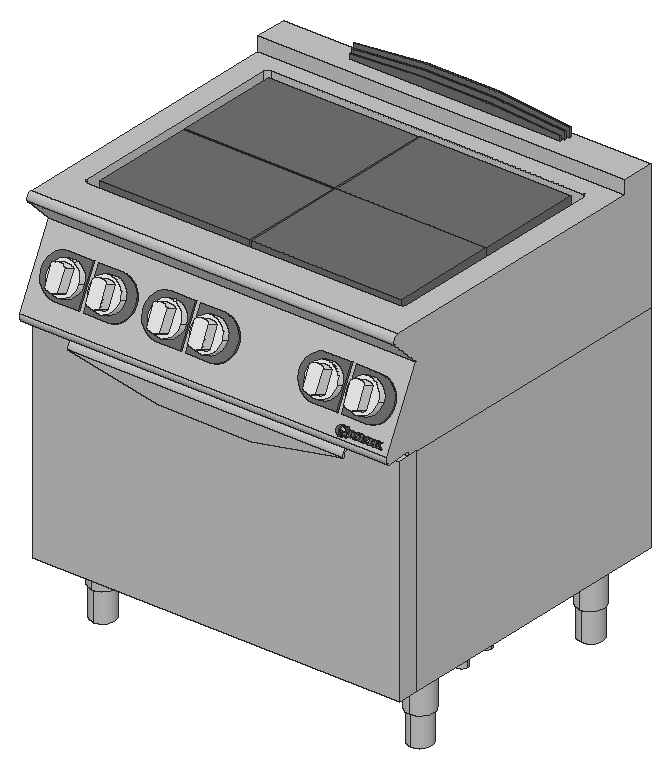
Revit family "Qf_Giorik_TE740E", category Specialty Equipment, Revit 2014
Parameters (values of type "TE740E")
  Weight in Pounds = 330.693
  Watts = 16000 W
  Volts = 400 V
  URL Cutsheet = "www.giorik.com"
  URL = "www.giorik.com"
  Status [instance] = ""
  Specification by User [instance] = ""
  Specification by Manufacturer = ""
  Show Logo [instance] = yes
  Show Clearance [instance] = yes
  Serial Number = ""
  Seismic Rating = ""
  SMACNA No = ""
  Revision Code [instance] = ""
  Phase = 3
  Number of Poles [instance] = 3
  NAFEM Spec ID Number = ""
  Model = "TE740E"
  Min Ckt Ampacity = 0 A
  Max Overcurrent Protection = 0 A
  Masterspec = ""
  Manufacturer = "GIORIK"
  Item Number [instance] = ""
  Installed By [instance] = ""
  Identify Quantity as Lot [instance] = no
  HP = "21.456320000000"
  Furnished By [instance] = ""
  Foodservice Equipment Identifier [instance] = yes
  FL Amps = 0 A
  Electrical Remarks [instance] = ""
  Electric Connection Type [instance] = ""
  Elec Conn RI Height [instance] = 0 mm
  Elec Conn Connection Height [instance] = 150 mm
  Description = "ELECTRIC SOLID TOP HOB ON ELECTRIC OVEN"
  Cycle = 50 Hz
  Conn Plug = ""
  CSI MasterFormat = ""
  Assembly Code = "E1090320"
  Apparent Power = 16000 VA
Reference planes
  plane 1 "Back": y = 0
  plane 2: z = 0
  plane 3 "Left": x = 0
  plane 4 "Right": x = 800
  plane 5 "Front": y = -720
  plane 6 "Top": z = 900
Forms (mm)
  Extrusion 1, solid, visible <- "Show Logo"
    sketch origin (591.604, -736.761, 609.486) x (-1, 0, 0) y (0, 0.452718, 0.891654)
      loop
        line (-118.824, 58.358) -> (-127.804, 58.358) -> (-125.523, 56.445) -> (-125.523, 48.027) -> (-127.804, 46.113) -> (-118.824, 46.113) -> (-121.105, 48.027) -> (-121.105, 56.445) -> (-118.824, 58.358)
      loop
        line (-163.721, 58.358) -> (-172.7, 58.358) -> (-170.42, 56.445) -> (-170.42, 48.027) -> (-172.7, 46.113) -> (-163.721, 46.113) -> (-166.001, 48.027) -> (-166.001, 56.445) -> (-163.721, 58.358)
      loop
        line (-174.332, 58.358) -> (-183.312, 58.358) -> (-181.031, 56.445) -> (-181.031, 52.435) -> (-186.419, 56.955) -> (-184.416, 58.358) -> (-191.268, 58.358) -> (-188.01, 56.839) -> (-185.455, 54.283) -> (-190.846, 47.858) -> (-193.396, 46.93) -> (-193.396, 46.113) -> (-184.416, 46.113) -> (-185.437, 47.571) -> (-182.443, 51.552) -> (-181.031, 50.894) -> (-181.031, 48.027) -> (-183.312, 46.113) -> (-174.332, 46.113) -> (-176.613, 48.027) -> (-176.613, 56.445) -> (-174.332, 58.358)
      loop
        line (-115.429, 62.063) -> (-115.429, 54.198)
        arc (-115.429, 54.198) -> (-111.618, 57.803) -> (-106.847, 59.986) r 16.039
        arc (-106.847, 59.986) -> (-103.314, 59.837) -> (-100.512, 57.68) r 5.851
        arc (-100.512, 57.68) -> (-98.815, 52.267) -> (-100.512, 46.853) r 9.479
        arc (-100.512, 46.853) -> (-102.406, 44.986) -> (-104.846, 43.93) r 7.236
        arc (-104.846, 43.93) -> (-107.728, 44.111) -> (-110.052, 45.825) r 5.11
        line (-110.052, 45.825) -> (-110.052, 52.001) -> (-116.141, 52.001) -> (-116.141, 45.503) -> (-117.893, 43.751) -> (-114.094, 44.769)
        arc (-114.094, 44.769) -> (-112.56, 44.947) -> (-111.129, 44.366) r 3.115
        arc (-111.129, 44.366) -> (-104.216, 42.091) -> (-97.303, 44.366) r 11.641
        arc (-97.303, 44.366) -> (-93.396, 52.107) -> (-97.303, 59.849) r 9.622
        arc (-97.303, 59.849) -> (-104.369, 62.174) -> (-111.435, 59.849) r 11.898
        line (-111.435, 59.849) -> (-115.429, 62.063)
      loop
        arc (-129.234, 56.068) -> (-135.893, 58.628) -> (-142.552, 56.068) r 9.941
        arc (-142.552, 56.068) -> (-144.234, 52.286) -> (-142.552, 48.505) r 5.093
        arc (-142.552, 48.505) -> (-135.893, 45.945) -> (-129.234, 48.505) r 9.941
        arc (-129.234, 48.505) -> (-127.552, 52.286) -> (-129.234, 56.068) r 5.093
      loop
        arc (-132.628, 54.403) -> (-135.893, 57.668) -> (-139.158, 54.403) r 3.265
        line (-139.158, 54.403) -> (-139.158, 50.169)
        arc (-139.158, 50.169) -> (-135.893, 46.904) -> (-132.628, 50.169) r 3.265
        line (-132.628, 50.169) -> (-132.628, 54.403)
      loop
        arc (-156.363, 58.365) -> (-159.647, 55.081) -> (-156.363, 51.796) r 3.285
        line (-156.363, 51.796) -> (-159.529, 47.306) -> (-162.087, 46.113) -> (-155.847, 46.113) -> (-153.529, 51.083) -> (-150.637, 51.083) -> (-150.637, 47.784) -> (-153.022, 46.113) -> (-144.011, 46.113) -> (-146.094, 47.68) -> (-146.094, 56.493) -> (-144.229, 58.365) -> (-156.363, 58.365)
      loop
        line (-150.637, 57.512) -> (-153.637, 57.512)
        arc (-153.637, 57.512) -> (-156.237, 54.912) -> (-153.637, 52.312) r 2.6
        line (-153.637, 52.312) -> (-150.637, 52.312) -> (-150.637, 57.512)
      loop
        line (-108.924, 52.001) -> (-104.936, 49.005) -> (-100.948, 52.001) -> (-108.924, 52.001)
    from 1.5 to -0.5
  Extrusion 2, solid
    sketch origin (-16, 1025.81, 0) x (1, 0, 0) y (0, 1, 0)
      loop
        line (25, -1086.81) -> (25, -1156.81) -> (115, -1156.81) -> (115, -1086.81) -> (25, -1086.81)
    from 148 to 150
  Extrusion 3, solid
    sketch origin (726, -105, 130) x (1, 0, 0) y (0, 1, 0)
      loop
        circle (54, -385) r 12.5
    from 0 to 20
  Extrusion 4, solid
    sketch origin (0, 1000, -20) x (0, 1, 0) y (0, 0, 1)
      loop
        line (-1000, 919.988) -> (-1070, 919.988) -> (-1070, 889.988) -> (-1688.806, 889.988)
        arc (-1688.806, 889.988) -> (-1699.151, 883.075) -> (-1696.724, 870.873) r 11.197
        line (-1696.724, 870.873) -> (-1640.876, 815.025) -> (-1718.948, 661.258)
        arc (-1718.948, 661.258) -> (-1718.233, 650.105) -> (-1708.118, 645.354) r 10.981
        line (-1708.118, 645.354) -> (-1660, 649.925) -> (-1660, 640) -> (-1000, 640) -> (-1000, 919.988)
    from 0 to 800
  Extrusion 5, solid
    sketch origin (0, 0, 599.536) x (1, 0, 0) y (0, 1, 0)
      loop
        line (0, -640) -> (40, -640) -> (40, -40) -> (760, -40) -> (760, -640) -> (800, -640) -> (800, 0) -> (0, 0) -> (0, -640)
    from -449.536 to 20.464
  Extrusion 6, solid
    sketch origin (0, 0, 0) x (1, 0, 0) y (0, 1, 0)
      loop
        line (40, -40) -> (40, -640) -> (760, -640) -> (760, -40) -> (40, -40)
    from 150 to 190
  Extrusion 7, solid
    sketch origin (-16, 560.81, 0) x (1, 0, 0) y (0, 1, 0)
      loop
        line (25, -1086.81) -> (25, -1156.81) -> (115, -1156.81) -> (115, -1086.81) -> (25, -1086.81)
    from 148 to 150
  Revolve 8, solid
    sketch origin (54, 560.81, 0) x (0, 1, 0) y (0, 0, 1)
      loop
        line (-1092.56, 66) -> (-1092.56, 148) -> (-1121.81, 148) -> (-1121.81, 0) -> (-1096.81, 0) -> (-1096.81, 66) -> (-1092.56, 66)
      axis (-1121.81, 0) -> (-1121.81, 148)
    angle from 0 to 360
  Revolve 9, solid
    sketch origin (54, 1025.81, 0) x (0, 1, 0) y (0, 0, 1)
      loop
        line (-1092.56, 66) -> (-1092.56, 148) -> (-1121.81, 148) -> (-1121.81, 0) -> (-1096.81, 0) -> (-1096.81, 66) -> (-1092.56, 66)
      axis (-1121.81, 0) -> (-1121.81, 148)
    angle from 0 to 360
  Extrusion 10, solid
    sketch origin (816, 560.81, 0) x (-1, 0, 0) y (0, -1, 0)
      loop
        line (25, 1086.81) -> (115, 1086.81) -> (115, 1156.81) -> (25, 1156.81) -> (25, 1086.81)
    from 148 to 150
  Revolve 11, solid
    sketch origin (746, 560.81, 0) x (0, 1, 0) y (0, 0, -1)
      loop
        line (-1092.56, -66) -> (-1096.81, -66) -> (-1096.81, 0) -> (-1121.81, 0) -> (-1121.81, -148) -> (-1092.56, -148) -> (-1092.56, -66)
      axis (-1121.81, 0) -> (-1121.81, -148)
    angle from 0 to 360
  Extrusion 12, void
    sketch origin (437.225, 0, 900) x (0, 1, 0) y (-1, 0, 0)
      loop
        line (-110, -302.775) -> (-110, 377.225)
        arc (-110, 377.225) -> (-112.929, 384.296) -> (-120, 387.225) r 10
        line (-120, 387.225) -> (-599.965, 387.225)
        arc (-599.965, 387.225) -> (-607.036, 384.296) -> (-609.965, 377.225) r 10
        line (-609.965, 377.225) -> (-609.965, -302.775)
        arc (-609.965, -302.775) -> (-607.036, -309.846) -> (-599.965, -312.775) r 10
        line (-599.965, -312.775) -> (-120, -312.775)
        arc (-120, -312.775) -> (-112.929, -309.846) -> (-110, -302.775) r 10
    from -30.012 to -70.012
  Extrusion 13, solid
    sketch origin (816, -1217.81, 0) x (-1, 0, 0) y (0, -1, 0)
      loop
        line (25, -1086.81) -> (25, -1156.81) -> (115, -1156.81) -> (115, -1086.81) -> (25, -1086.81)
    from 148 to 150
  Revolve 14, solid
    sketch origin (746, -1217.81, 0) x (0, -1, 0) y (0, 0, 1)
      loop
        line (-1092.56, 66) -> (-1092.56, 148) -> (-1121.81, 148) -> (-1121.81, 0) -> (-1096.81, 0) -> (-1096.81, 66) -> (-1092.56, 66)
      axis (-1121.81, 0) -> (-1121.81, 148)
    angle from 0 to 360
  Extrusion 15, solid
    sketch origin (-349.905, -962.334, 53.824) x (1, 0, 0) y (0, 0.452718, 0.891654)
      loop
        line (463.221, 676.25) -> (463.221, 766.25) -> (409.698, 766.25)
        arc (409.698, 766.25) -> (364.698, 721.25) -> (409.698, 676.25) r 45
        line (409.698, 676.25) -> (463.221, 676.25)
    from 48 to 50
  Extrusion 16, solid
    sketch origin (424.647, -1006.96, 76.375) x (-1, 0, 0) y (0, -0.452718, -0.891654)
      loop
        circle (351.331, -721.346) r 35
    from 0 to 15
  Extrusion 17, solid
    sketch origin (424.647, -1006.96, 76.375) x (-1, 0, 0) y (0, -0.452718, -0.891654)
      loop
        arc (336.331, -743.846) -> (351.331, -748.846) -> (366.331, -743.846) r 25
        line (366.331, -743.846) -> (366.331, -698.846)
        arc (366.331, -698.846) -> (351.331, -693.846) -> (336.331, -698.846) r 25
        line (336.331, -698.846) -> (336.331, -743.846)
    from 15 to 40
  Extrusion 18, solid
    sketch origin (586.536, -962.334, 53.824) x (-1, 0, 0) y (0, -0.452718, -0.891654)
      loop
        line (463.221, -676.25) -> (409.698, -676.25)
        arc (409.698, -676.25) -> (364.698, -721.25) -> (409.698, -766.25) r 45
        line (409.698, -766.25) -> (463.221, -766.25) -> (463.221, -676.25)
    from 48 to 50
  Extrusion 19, solid
    sketch origin (-188.016, -1006.96, 76.375) x (1, 0, 0) y (0, 0.452718, 0.891654)
      loop
        circle (351.331, 721.346) r 35
    from 0 to 15
  Extrusion 20, solid
    sketch origin (-188.016, -1006.96, 76.375) x (1, 0, 0) y (0, 0.452718, 0.891654)
      loop
        line (336.331, 743.846) -> (336.331, 698.846)
        arc (336.331, 698.846) -> (351.331, 693.846) -> (366.331, 698.846) r 25
        line (366.331, 698.846) -> (366.331, 743.846)
        arc (366.331, 743.846) -> (351.331, 748.846) -> (336.331, 743.846) r 25
    from 15 to 40
  Extrusion 21, solid
    sketch origin (809.071, -962.334, 53.824) x (-1, 0, 0) y (0, -0.452718, -0.891654)
      loop
        line (463.221, -676.25) -> (409.698, -676.25)
        arc (409.698, -676.25) -> (364.698, -721.25) -> (409.698, -766.25) r 45
        line (409.698, -766.25) -> (463.221, -766.25) -> (463.221, -676.25)
    from 48 to 50
  Extrusion 22, solid
    sketch origin (34.519, -1006.96, 76.375) x (1, 0, 0) y (0, 0.452718, 0.891654)
      loop
        circle (351.331, 721.346) r 35
    from 0 to 15
  Extrusion 23, solid
    sketch origin (34.519, -1006.96, 76.375) x (1, 0, 0) y (0, 0.452718, 0.891654)
      loop
        line (336.331, 743.846) -> (336.331, 698.846)
        arc (336.331, 698.846) -> (351.331, 693.846) -> (366.331, 698.846) r 25
        line (366.331, 698.846) -> (366.331, 743.846)
        arc (366.331, 743.846) -> (351.331, 748.846) -> (336.331, 743.846) r 25
    from 15 to 40
  Extrusion 24, solid
    sketch origin (-127.371, -962.334, 53.824) x (1, 0, 0) y (0, 0.452718, 0.891654)
      loop
        line (463.221, 676.25) -> (463.221, 766.25) -> (409.698, 766.25)
        arc (409.698, 766.25) -> (364.698, 721.25) -> (409.698, 676.25) r 45
        line (409.698, 676.25) -> (463.221, 676.25)
    from 48 to 50
  Extrusion 25, solid
    sketch origin (647.181, -1006.96, 76.375) x (-1, 0, 0) y (0, -0.452718, -0.891654)
      loop
        circle (351.331, -721.346) r 35
    from 0 to 15
  Extrusion 26, solid
    sketch origin (647.181, -1006.96, 76.375) x (-1, 0, 0) y (0, -0.452718, -0.891654)
      loop
        arc (336.331, -743.846) -> (351.331, -748.846) -> (366.331, -743.846) r 25
        line (366.331, -743.846) -> (366.331, -698.846)
        arc (366.331, -698.846) -> (351.331, -693.846) -> (336.331, -698.846) r 25
        line (336.331, -698.846) -> (336.331, -743.846)
    from 15 to 40
  Extrusion 27, solid
    sketch origin (36.031, 0, -10.001) x (1, 0, 0) y (0, 0, 1)
      loop
        line (135, 909.989) -> (592.969, 909.989) -> (592.969, 919.989) -> (440.969, 929.989) -> (287, 929.989) -> (135, 919.989) -> (135, 909.989)
    from 32 to 35
  Extrusion 28, solid
    sketch origin (38, 10, -10.001) x (1, 0, 0) y (0, 0, 1)
      loop
        line (594, 909.989) -> (594, 924.989) -> (440, 937.489) -> (284, 937.489) -> (130, 925.001) -> (130, 909.989) -> (594, 909.989)
    from 32 to 35
  Extrusion 29, solid
    sketch origin (40, 20, -10.001) x (1, 0, 0) y (0, 0, 1)
      loop
        line (595, 909.989) -> (595, 930.001) -> (439, 945.258) -> (281, 945.258) -> (125, 929.989) -> (125, 909.989) -> (595, 909.989)
    from 32 to 35
  Extrusion 30, solid
    sketch origin (0, -725, 0) x (1, 0, 0) y (0, 0, 1)
      loop
        line (0, 620) -> (0, 150) -> (800, 150) -> (800, 620) -> (0, 620)
    from -85 to -40
  Extrusion 31, solid
    sketch origin (2.5, -725, -20.1) x (0, 1, 0) y (0, 0, 1)
      loop
        arc (25, 640.1) -> (14.393, 635.707) -> (10, 625.1) r 15
        line (10, 625.1) -> (12, 625.1)
        arc (12, 625.1) -> (15.808, 634.292) -> (25, 638.1) r 13
        line (25, 638.1) -> (40, 638.1) -> (40, 640.1) -> (25, 640.1)
    from 97.5 to 697.5
  Extrusion 32, solid
    sketch origin (2.5, -724.905, -20.1) x (1, 0, 0) y (0, 0, 1)
      loop
        arc (97.5, 625.1) -> (397.5, 582.413) -> (697.5, 625.1) r 1075.531
        line (697.5, 625.1) -> (97.5, 625.1)
    from -11.905 to -9.905
  Extrusion 33, solid, visible <- "Show Clearance", detail levels coarse
    sketch origin (0, 0, 0) x (0, 1, 0) y (0, 0, 1)
      loop
        line (-685, 150) -> (-685, 620)
        arc (-685, 620) -> (-1017.34, 482.34) -> (-1155, 150) r 470
        line (-1155, 150) -> (-685, 150)
    from 0 to 800
  Extrusion 34, solid
    sketch origin (213.27, -962.334, 53.824) x (1, 0, 0) y (0, 0.452718, 0.891654)
      loop
        line (463.221, 676.25) -> (463.221, 766.25) -> (409.698, 766.25)
        arc (409.698, 766.25) -> (364.698, 721.25) -> (409.698, 676.25) r 45
        line (409.698, 676.25) -> (463.221, 676.25)
    from 48 to 50
  Extrusion 35, solid
    sketch origin (987.822, -1006.96, 76.375) x (-1, 0, 0) y (0, -0.452718, -0.891654)
      loop
        circle (351.331, -721.346) r 35
    from 0 to 15
  Extrusion 36, solid
    sketch origin (987.822, -1006.96, 76.375) x (-1, 0, 0) y (0, -0.452718, -0.891654)
      loop
        arc (336.331, -743.846) -> (351.331, -748.846) -> (366.331, -743.846) r 25
        line (366.331, -743.846) -> (366.331, -698.846)
        arc (366.331, -698.846) -> (351.331, -693.846) -> (336.331, -698.846) r 25
        line (336.331, -698.846) -> (336.331, -743.846)
    from 15 to 40
  Extrusion 37, solid
    sketch origin (1149.711, -962.334, 53.824) x (-1, 0, 0) y (0, -0.452718, -0.891654)
      loop
        line (463.221, -676.25) -> (409.698, -676.25)
        arc (409.698, -676.25) -> (364.698, -721.25) -> (409.698, -766.25) r 45
        line (409.698, -766.25) -> (463.221, -766.25) -> (463.221, -676.25)
    from 48 to 50
  Extrusion 38, solid
    sketch origin (375.159, -1006.96, 76.375) x (1, 0, 0) y (0, 0.452718, 0.891654)
      loop
        circle (351.331, 721.346) r 35
    from 0 to 15
  Extrusion 39, solid
    sketch origin (375.159, -1006.96, 76.375) x (1, 0, 0) y (0, 0.452718, 0.891654)
      loop
        line (336.331, 743.846) -> (336.331, 698.846)
        arc (336.331, 698.846) -> (351.331, 693.846) -> (366.331, 698.846) r 25
        line (366.331, 698.846) -> (366.331, 743.846)
        arc (366.331, 743.846) -> (351.331, 748.846) -> (336.331, 743.846) r 25
    from 15 to 40
  Extrusion 40, solid
    sketch origin (0, 0, 100) x (0, 1, 0) y (-1, 0, 0)
      loop
        circle (-415, -772) r 12.4
    from 30 to 50
  Extrusion 41, solid
    sketch origin (-397.775, -745.565, 829.988) x (0, -1, 0) y (1, 0, 0)
      loop
        line (-387.082, 796.275) -> (-615.565, 796.275) -> (-615.565, 467.775) -> (-387.082, 467.775) -> (-387.082, 796.275)
    from 0 to 40
  Extrusion 42, solid
    sketch origin (1197.775, -745.565, 829.988) x (0, -1, 0) y (1, 0, 0)
      loop
        line (-387.082, -796.275) -> (-387.082, -467.775) -> (-615.565, -467.775) -> (-615.565, -796.275) -> (-387.082, -796.275)
    from 0 to 40
  Extrusion 43, solid
    sketch origin (1197.775, 25.6, 829.988) x (0, 1, 0) y (-1, 0, 0)
      loop
        line (-387.082, 796.275) -> (-615.565, 796.275) -> (-615.565, 467.775) -> (-387.082, 467.775) -> (-387.082, 796.275)
    from 0 to 40
  Extrusion 44, solid
    sketch origin (-397.775, 25.6, 829.988) x (0, 1, 0) y (-1, 0, 0)
      loop
        line (-387.082, -796.275) -> (-387.082, -467.775) -> (-615.565, -467.775) -> (-615.565, -796.275) -> (-387.082, -796.275)
    from 0 to 40
Cuts and joins
  Extrusion 12 cuts Extrusion 4
Lines and regions (mm)
  symbolic lines, style "200-EquipBorder-2D"
    curve 1: line (0, -720, 0) -> (800, -720, 0)
    curve 2: line (800, -720, 0) -> (800, 0, 0)
    curve 3: line (800, 0, 0) -> (0, 0, 0)
    curve 4: line (0, 0, 0) -> (0, -720, 0)
  symbolic lines, style "200-EquipInternal-2D"
    curve 5: line (165, -12, 900) -> (635, -12, 900)
    curve 6: line (635, -12, 900) -> (635, -15, 900)
    curve 7: line (635, -15, 900) -> (165, -15, 900)
    curve 8: line (165, -15, 900) -> (165, -12, 900)
    curve 9: line (168, -22, 900) -> (632, -22, 900)
    curve 10: line (632, -22, 900) -> (632, -25, 900)
    curve 11: line (632, -25, 900) -> (168, -25, 900)
    curve 12: line (168, -25, 900) -> (168, -22, 900)
    curve 13: line (171.031, -32, 900) -> (629, -32, 900)
    curve 14: line (629, -32, 900) -> (629, -35, 900)
    curve 15: line (629, -35, 900) -> (171.031, -35, 900)
    curve 16: line (171.031, -35, 900) -> (171.031, -32, 900)
    curve 20: line (0, -70, 900) -> (800, -70, 900)
    curve 21: line (740, -110, 900) -> (60, -110, 900)
    curve 22: line (398.5, -130, 900) -> (70, -130, 900)
    curve 23: line (398.5, -358.482, 900) -> (398.5, -130, 900)
    curve 24: line (730, -130, 900) -> (401.5, -130, 900)
    curve 25: line (730, -361.482, 900) -> (401.5, -361.482, 900)
    curve 26: line (70, -358.482, 900) -> (398.5, -358.482, 900)
    curve 27: line (401.5, -130, 900) -> (401.5, -358.482, 900)
    curve 28: line (401.5, -358.482, 900) -> (730, -358.482, 900)
    curve 29: line (398.5, -589.965, 900) -> (398.5, -361.482, 900)
    curve 30: line (401.5, -361.482, 900) -> (401.5, -589.965, 900)
    curve 31: line (398.5, -361.482, 900) -> (70, -361.482, 900)
    curve 32: line (70, -361.482, 900) -> (70, -589.965, 900)
    curve 33: line (70, -130, 900) -> (70, -358.482, 900)
    curve 34: line (70, -589.965, 900) -> (398.5, -589.965, 900)
    curve 35: line (401.5, -589.965, 900) -> (730, -589.965, 900)
    curve 36: line (730, -589.965, 900) -> (730, -361.482, 900)
    curve 37: line (730, -358.482, 900) -> (730, -130, 900)
    curve 38: line (50, -120, 900) -> (50, -599.965, 900)
    curve 39: arc (750, -120, 900) -> (747.071, -112.929, 900) -> (740, -110, 900) r 10
    curve 40: line (750, -599.965, 900) -> (750, -120, 900)
    curve 41: arc (60, -110, 900) -> (52.929, -112.929, 900) -> (50, -120, 900) r 10
    curve 42: arc (50, -599.965, 900) -> (52.929, -607.036, 900) -> (60, -609.965, 900) r 10
    curve 43: line (60, -609.965, 900) -> (740, -609.965, 900)
    curve 44: arc (740, -609.965, 900) -> (747.071, -607.036, 900) -> (750, -599.965, 900) r 10
  symbolic lines, style "QF_Door-Drawer Clearances", visible <- "Show Clearance", detail levels coarse
    curve 17: line (0, -720, 0) -> (0, -1155, 0)
    curve 18: line (0, -1155, 900) -> (800, -1155, 900)
    curve 19: line (800, -1155, 900) -> (800, -720, 900)
Dimensions and locks
  plane 3 "Left" to plane 4 "Right" = 800 mm
  plane 5 "Front" to plane 1 "Back" = 720 mm
  plane 4 "Right" to plane 3 "Left" = 800 mm
  plane 1 "Back" to plane 5 "Front" = 720 mm
  plane 6 "Top" to level = 900 mm  (x2)
  aligned and locked: level to plane 2
Connectors
  electrical at (780, -490, 130), driven by "Apparent Power", driven by "Volts", driven by "Number of Poles"
    settings: on Extrusion 3, index 1, voltage 400 V, apparent load 0 VA, apparent load phase1 16000 VA, apparent load phase2 0 VA, apparent load phase3 0 VA, power factor 1, load classification "Other", number of poles 3, system type 31, power factor state 1, is connector primary yes, connector utility no, sub classification motor no, connector description "Electrical connection"
  piping at (772, -415, 130), diameter 25.4
    settings: on Extrusion 40, index 2, connector inside diameter 24", connector length 0 mm, flow factor 0, pipe flow 0.0 L/s, pressure drop 0.0 Pa, fitting loss kfactor 0, connector angle 0.00°, fixture units 0, engagement length 0 mm, angle of deflection 0.00°, flow configuration 1, flow direction 2, fitting loss method 0, system type 16, joint type 0, gender type 0, connector reference index -1, connector utility 0, adjustable connector no, is connector primary yes, connector description "Drain connection"
